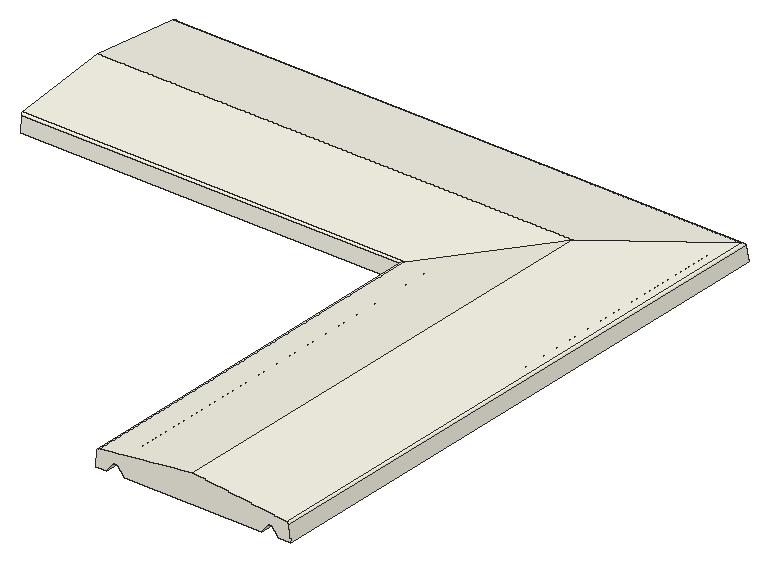
Revit family "Albardilla MO escuadra.C-1", category Modelos genéricos, Revit 2020
Family settings
  Puede alojar armadura = No
  Cota de conector redondo = Diámetro de uso
  Tipo de pieza = Normal
  Se basa en plano de trabajo = No
  Siempre vertical = No
  Corte con vacíos al cargar = No
  Compartido = No
  Punto de cálculo de habitación = No
Parameters (values of type "MO12E")
  Dist. primer anclaje +30 = 150 mm - (Ancho / 10)  # 138 mm
  Descripción = "Pieza de hormigón polímero con anclajes de acero inoxidable"
  Anclajes = (Ancho total / 2)  # 85 mm
  Ancho escuadra = if(Ancho > 500 mm, 535 mm, 500 mm)  # 500 mm
  Ancho dos dist. = (Ancho total / 4)  # 42.5 mm
  Ancho dos = Ancho total / 2  # 85 mm
  Visible una linea = if(Ancho > 300 mm, 2 = 3, 2 = 2)  # yes
  Visible dos líneas = if(Ancho > 300 mm, 2 = 2, 2 = 3)  # no
  URL = "https://www.ulmaarchitectural.com/es-es"
  Modelo = "Albardilla MO12 en escuadra"
  Material = Hormigón polímero STONEO. Color C-1
  Fabricante = "ULMA Architectural Solutions"
  Elevación por defecto = 0 mm
  Dist. entre anclajes [instance] = 440 mm  # constant formula
  Dist primer anclaje [instance] = 150 mm  # constant formula
  Código de montaje = "MO12E"
  Ancho total = Ancho + 50 mm  # 170 mm
  Ancho = 120 mm
Types (11, lengths in mm): name | Dist. primer anclaje +30 | Anclajes | Ancho dos dist. | Ancho dos | Visible una linea | Visible dos líneas | Modelo | Código de montaje | Ancho total | Ancho
  (no name) | 138 | 85 | 42.5 | 85 | yes | no | "Albardilla MO12 en escuadra" | "MO12E" | 170 | 120
  MO12E | 138 | 85 | 42.5 | 85 | yes | no | "Albardilla MO12 en escuadra" | "MO12E" | 170 | 120
  MO14E | 136 | 95 | 47.5 | 95 | yes | no | "Albardilla MO14 en escuadra" | "MO14E" | 190 | 140
  MO17E | 133 | 110 | 55 | 110 | yes | no | "Albardilla MO17 en escuadra" | "MO17E" | 220 | 170
  MO19E | 131 | 120 | 60 | 120 | yes | no | "Albardilla MO19 en escuadra" | "MO19E" | 240 | 190
  MO22E | 128 | 135 | 67.5 | 135 | yes | no | "Albardilla MO22 en escuadra" | "MO22E" | 270 | 220
  MO25E | 125 | 150 | 75 | 150 | yes | no | "Albardilla MO25 en escuadra" | "MO25E" | 300 | 250
  MO30E | 120 | 175 | 87.5 | 175 | yes | no | "Albardilla MO30 en escuadra" | "MO30E" | 350 | 300
  MO35E | 115 | 200 | 100 | 200 | no | yes | "Albardilla MO35 en escuadra" | "MO35E" | 400 | 350
  MO40E | 110 | 225 | 112.5 | 225 | no | yes | "Albardilla MO40 en escuadra" | "MO40E" | 450 | 400
  MO27E | 123 | 160 | 80 | 160 | yes | no | "Albardilla MO27 en escuadra" | "MO27E" | 320 | 270
Reference planes
  plane 1 "Centro (Frontal/Posterior)": y = 0
  plane 2: z = 0
  plane 3 "Centro (Izquierda/Derecha)": x = 0
  plane 4: y = -85
  plane 5: x = -85
  plane 6: y = -42.5
  plane 7: y = -85
  plane 8: x = -127.5
  plane 9: x = -42.5
Forms (mm)
  Sweep 1, solid, material "Hormigón polímero STONEO. Color C-1" <- "Material"
    path origin (0, 0, 0) x (1, 0, 0) y (0, 1, 0)
      loop
        line (0, -500) -> (0, 0) -> (-500, 0)
    profile origin (0, -250, 0) x (-1, 0, 0) y (0, 0, 1)
      loop
        line (0, 0) -> (10, 0) -> (15.95, 7.298)
        arc (15.95, 7.298) -> (17.5, 8.035) -> (19.05, 7.298) r 2
        line (19.05, 7.298) -> (25, 0) -> (145, 0) -> (150.95, 7.298)
        arc (150.95, 7.298) -> (152.5, 8.035) -> (154.05, 7.298) r 2
        line (154.05, 7.298) -> (160, 0) -> (170, 0) -> (168.84, 13.264)
        arc (168.84, 13.264) -> (168.235, 14.53) -> (166.948, 15.088) r 2
        line (166.948, 15.088) -> (85, 25) -> (3.052, 15.088)
        arc (3.052, 15.088) -> (1.765, 14.53) -> (1.16, 13.264) r 2
        line (1.16, 13.264) -> (0, 0)
Dimensions and locks
  "Ancho escuadra": Sweep 1 sketch curve to plane 3 "Centro (Izquierda/Derecha)"
  "Ancho escuadra": Sweep 1 sketch curve to plane 1 "Centro (Frontal/Posterior)"
  Sweep 1 sketch curve to profile plane = 8.035 mm  (x2)
  profile plane to Sweep 1 sketch curve to Sweep 1 sketch curve = 10 mm, 15 mm
  "Anclajes": plane 1 "Centro (Frontal/Posterior)" to plane 4
  "Anclajes": plane 5 to plane 3 "Centro (Izquierda/Derecha)"
  "Dist primer anclaje": nested 1 to Sweep 1
  "Dist primer anclaje": Sweep 1 to nested 2
  "Ancho dos dist.": plane 6 to plane 7
  "Ancho dos": plane 8 to plane 9
  "Ancho dos dist.": plane 1 "Centro (Frontal/Posterior)" to plane 6
  "Ancho dos dist.": plane 9 to plane 3 "Centro (Izquierda/Derecha)"
  "Dist. primer anclaje +30": nested 3 to Sweep 1
  "Dist. primer anclaje +30": nested 4 to Sweep 1
  "Dist. primer anclaje +30": Sweep 1 to nested 7
  "Dist. primer anclaje +30": Sweep 1 to nested 8
  Sweep 1 sketch curve to Sweep 1 sketch curve to Sweep 1 sketch curve = 10 mm, 15 mm
  "Ancho total": profile plane to Sweep 1 sketch curve
  Sweep 1 sketch curve to profile plane = 13.264 mm  (x2)
  Sweep 1 sketch curve to profile plane = 25 mm
  equal spacing: profile plane, Sweep 1 sketch curve, Sweep 1 sketch curve
  radius of Sweep 1 sketch curve = 2 mm  (x2)
  angle profile plane to Sweep 1 sketch curve = 85.00°
  angle Sweep 1 sketch curve to profile plane = 85.00°
  aligned and locked: level to plane 2
  aligned and locked: Sweep 1 sketch curve to plane 1 "Centro (Frontal/Posterior)"
  aligned and locked: plane 3 "Centro (Izquierda/Derecha)" to Sweep 1 sketch curve
  aligned and locked: profile plane to Sweep 1 sketch curve  (x2)
  aligned and locked: plane 4 to nested 2
  aligned and locked: plane 5 to nested 1
  aligned and locked: plane 9 to nested 3
  aligned and locked: plane 8 to nested 4
  aligned and locked: plane 9 to nested 6
  aligned and locked: nested 6 to plane 4
  aligned and locked: nested 5 to plane 4
  aligned and locked: plane 7 to nested 8
  aligned and locked: plane 6 to nested 7
  aligned and locked: plane 5 to nested 5
  aligned and locked: level to nested 3
  aligned and locked: level to nested 5
  aligned and locked: level to nested 6
  aligned and locked: level to nested 4
  aligned and locked: level to nested 8
  aligned and locked: level to nested 7
Automatic sketch dimensions
  Sweep 1 sketch curve to level = 0 mm  (x2)
  level to Sweep 1 sketch curve = 7.298 mm  (x4)
  Sweep 1 sketch curve to Sweep 1 sketch curve = 5.95 mm  (x2)
  Sweep 1 sketch curve to Sweep 1 sketch curve = 1.55 mm  (x2)
  Sweep 1 sketch curve to Sweep 1 sketch curve = 0.174 mm  (x2)
  Sweep 1 sketch curve to Sweep 1 sketch curve = 0.101 mm  (x2)
Nested families
  nested 1: "Anclaje imposta" at (-85, -350, 0), visible <- "Visible una linea", type "Anclaje inoxidable estándar"
  nested 2: "Anclaje imposta" at (-350, -85, 0) x (0, 1, 0) z (0, 0, 1), visible <- "Visible una linea", type "Anclaje inoxidable estándar"
  nested 3: "Anclaje imposta" at (-42.5, -362, 0), visible <- "Visible dos líneas", type "Anclaje inoxidable estándar"
  nested 4: "Anclaje imposta" at (-127.5, -362, 0), visible <- "Visible dos líneas", type "Anclaje inoxidable estándar"
  nested 5: "Anclaje imposta" at (-85, -85, 0), type "Anclaje inoxidable estándar"
  nested 6: "Anclaje imposta" at (-42.5, -85, 0), visible <- "Visible dos líneas", type "Anclaje inoxidable estándar"
  nested 7: "Anclaje imposta" at (-362, -42.5, 0) x (0, 1, 0) z (0, 0, 1), visible <- "Visible dos líneas", type "Anclaje inoxidable estándar"
  nested 8: "Anclaje imposta" at (-362, -85, 0) x (0, 1, 0) z (0, 0, 1), visible <- "Visible dos líneas", type "Anclaje inoxidable estándar"
Definition of nested family "Anclaje imposta"
  Parameters (values of type "Anclaje inoxidable estándar")
    URL = "https://www.ulmaarchitectural.com/es-es"
    Model = "Sujeción anclaje inoxidable estándar SPE"
    Material = none
    Manufacturer = "ULMA"
    Default Elevation = 0 mm
    Assembly Code = "901250015"
  Reference planes
    plane 1 "Centro (Frontal/Posterior)": y = 0
    plane 2: z = 0
    plane 3 "Centro (Izquierda/Derecha)": x = 0
  Dimensions and locks
    equal spacing: import instance, plane 3 "Centro (Izquierda/Derecha)", import instance
    aligned and locked: level to plane 2
    aligned and locked: level to import instance
